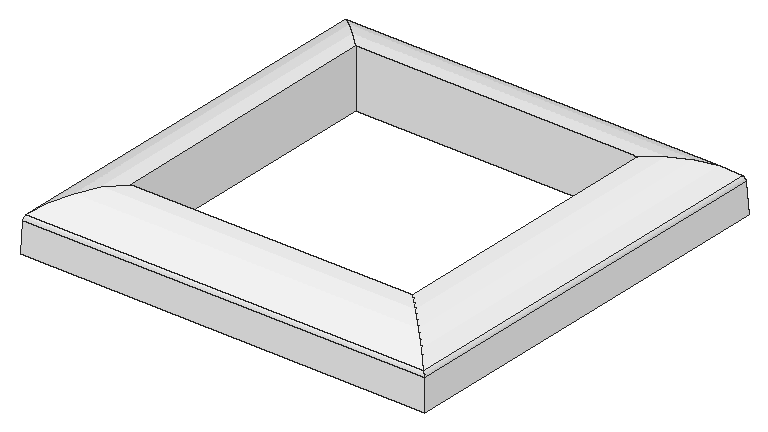
Revit family "Gira_021104", category Electrical Fixtures, host Face, Revit 2017
Family settings
  Host = Face
  Maintain Annotation Orientation = No
  Round Connector Dimension = Use Diameter
  Part Type = Normal
  Cut with Voids When Loaded = No
  Shared = No
  Room Calculation Point = No
Parameters (values of type "Abdeckrahmen 1f Standard 55 Reinweiß m")
  Werkstoffgüte = "Thermoplast"
  Werkstoff = "Kunststoff"
  URL = "http://katalog.gira.de/de_DE/datenblatt.html?artikelnr=021104"
  Transparent = "No"
  Textfeld/Beschriftungsfläche = "No"
  Schutzart (IP) = "IP20"
  Region = "DE"
  RAL-Nummer (ähnlich) = "9010 "
  Oberfläche = "sonstige"
  Name = "Abdeckrahmen 1f Standard 55 Reinweiß m"
  Montagerichtung = "horizontal und vertikal"
  Mit Montagerahmen = "No"
  Mit Klappdeckel = "No"
  Manufacturer URL = "https://www.gira.de/"
  Keynote = "Std55_Rahmen_1fach"
  HeinzeBIM = "https://bimportal.heinze.de/bim/abdeckrahmen-1f-standard-55-reinweiss-m/521b4f1fc0196e9075a5c8777b913e032924cfc3"
  Halogenfrei = "Yes"
  HAN = "021104"
  Geeignet für Unterputz-Installation = "Yes"
  Geeignet für Unterflurkanaldose = "No"
  Geeignet für Geräteeinbaukanal = "No"
  Geeignet für Einbauinstallation = "No"
  GTIN = "4010337211044"
  Farbe = "weiß"
  Default Elevation = 1219.2 mm
  Data sheet (1) = "https://katalog.gira.de/de_DE/download.html?artikelnr=021104"
  Category = "Abdeckrahmen"
  Befestigungsart = "Klemmbefestigung"
  Available = "Yes"
  Ausführung der Oberfläche = "matt"
  Anzahl der Einheiten vertikal = "1 "
  Anzahl der Einheiten horizontal = "1 "
  Anzahl der Einheiten = "1 "
Reference planes
  plane 1 "Center (Front/Back)": y = 0
  plane 2: z = 0
  plane 3 "Center (Left/Right)": x = 0
  plane 4: y = -40.3
  plane 5: y = 40.3
  plane 6: x = 40.3
  plane 7: x = -40.3
Forms (mm)
  Sweep 1, solid, material "White", detail levels fine
    path origin (0, 0, 0) x (1, 0, 0) y (0, 1, 0)
      loop
        line (40.3, 40.3) -> (-40.3, 40.3) -> (-40.3, -40.3) -> (40.3, -40.3) -> (40.3, 40.3)
    profile origin (0, 40.3, 0) x (0, -1, 0) y (0, 0, 1)
      loop
        arc (12.22, 11.373) -> (5.983, 10.294) -> (0.641, 6.901) r 16.145
        arc (0.641, 6.901) -> (0.395, 6.426) -> (0.309, 5.898) r 1.694
        line (0.309, 5.898) -> (0, 0) -> (12.319, 0) -> (12.22, 11.373)
  Extrusion 2, solid, material "White", detail levels coarse+medium
    sketch origin (0, 0, 0) x (1, 0, 0) y (0, 1, 0)
      loop
        line (40.3, 40.3) -> (-40.3, 40.3) -> (-40.3, -40.3) -> (40.3, -40.3) -> (40.3, 40.3)
    from 0 to 11.373
Dimensions and locks
  aligned and locked: plane 2 to host face
  aligned and locked: level to host face
